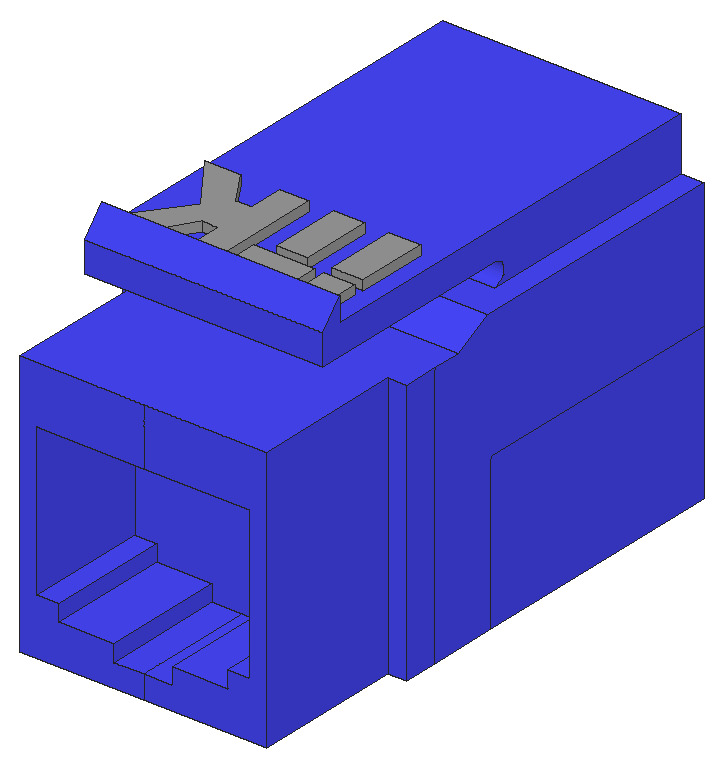
Revit family "ITK_Модуль Keystone Jack_90 градусов_Неэкранированный_IP20", category Обобщенные модели, Revit 2019
Family settings
  Может служить основой для арматурных стержней = Нет
  Размер круглого соединителя = Использовать диаметр
  Тип детали = Нормальный
  На основе рабочей плоскости = Нет
  Всегда вертикально = Да
  При загрузке вырезать с полостями = Нет
  Общий = Нет
  Точка расчета площади = Нет
Parameters (values of type "CS1-1C6AU-11")
  Ширина = 16.8 mm  # constant formula
  Степень защиты = "IP20"  # constant formula
  Материал = Пластик белый
  Изготовитель = "ITK"  # constant formula
  Дата изменения = ""
  Глубина = 31 mm  # constant formula
  Высота = 20 mm  # constant formula
  URL = "https://www.iek.ru/"
  KSI_CPr_Строительные изделия = ""
  KSI_CMa_Строительные материалы = "01.7.14.03"  # constant formula
  IEK_Цена за единицу = 149.14
  IEK_Поиск в таблице имен = ""
  IEK_Описание = "Совместимость с компонентами для СКС.\r\nИзготовлены из высококачественных негорючих материалов.\r\nНадежность и удобство эксплуатации.\r\nСоответствие международным стандартам качества"
  IEK_URL = "https://www.itk-group.ru/produktsiya/catalog/oborudovanie_telekommunikatsionnoe/komponenty_sks_mednye/rozetki_adaptery_i_moduli_keystone/moduli_keystone_jack_informatsionnye_rozetki_rozetochnye_korpusa_i_adaptery/moduli_keystone_jack/moduli_keystone_jack_kat_6_neekranirovanye_utp/itk_modul_keystone_jack_kat_6_utp_110_idc_90grad"
  ADSK_Примечание = ""
  ADSK_Позиция [instance] = ""
  ADSK_Наименование = "IITK Модуль Keystone Jack кат. 6A UTP 110 IDC 90 град."
  ADSK_Материал обозначение = ""
  ADSK_Материал наименование = "АБС-пластик"  # constant formula
  ADSK_Масса = 0
  ADSK_Марка = ""  # constant formula
  ADSK_Код изделия = "CS1-1C6AU-11"
  ADSK_Завод-изготовитель = "IEK"  # constant formula
  ADSK_Единица измерения = "шт"  # constant formula
  ADSK_Группирование = "I. ЩИТЫ И ПУЛЬТЫ"  # constant formula
  ADSK_Версия семейства = "1.0"  # constant formula
  ADSK_Версия Revit = "2019"  # constant formula
  ADSK_URL страницы изделия = "https://www.itk-group.ru/produktsiya/catalog/oborudovanie_telekommunikatsionnoe/komponenty_sks_mednye/rozetki_adaptery_i_moduli_keystone/moduli_keystone_jack_informatsionnye_rozetki_rozetochnye_korpusa_i_adaptery/moduli_keystone_jack/moduli_keystone_jack_kat_5e_neekranirovanye_utp/"
Types (3, lengths in mm): name | IEK_Цена за единицу | IEK_URL | ADSK_Наименование | ADSK_Код изделия
  CS1-1C5EU-11 | 91.08 | "https://www.itk-group.ru/produktsiya/catalog/oborudovanie_telekommunikatsionnoe/komponenty_sks_mednye/rozetki_adaptery_i_moduli_keystone/moduli_keystone_jack_informatsionnye_rozetki_rozetochnye_korpusa_i_adaptery/moduli_keystone_jack/moduli_keystone_jack_kat_5e_neekranirovanye_utp/itk_modul_keystone_jack_kat_5e_utp_110_idc_90grad" | "ITK Модуль Keystone Jack кат. 5E UTP 110 IDC 90 град." | "CS1-1C5EU-11"
  CS1-1C06U-11 | 102.82 | "https://www.itk-group.ru/produktsiya/catalog/oborudovanie_telekommunikatsionnoe/komponenty_sks_mednye/rozetki_adaptery_i_moduli_keystone/moduli_keystone_jack_informatsionnye_rozetki_rozetochnye_korpusa_i_adaptery/moduli_keystone_jack/moduli_keystone_jack_kat_6_neekranirovanye_utp/itk_modul_keystone_jack_kat_6_utp_110_idc_90grad" | "ITK Модуль Keystone Jack кат. 6 UTP 110 IDC 90 град." | "CS1-1C06U-11"
  CS1-1C6AU-11 | 149.14 | "https://www.itk-group.ru/produktsiya/catalog/oborudovanie_telekommunikatsionnoe/komponenty_sks_mednye/rozetki_adaptery_i_moduli_keystone/moduli_keystone_jack_informatsionnye_rozetki_rozetochnye_korpusa_i_adaptery/moduli_keystone_jack/moduli_keystone_jack_kat_6_neekranirovanye_utp/itk_modul_keystone_jack_kat_6_utp_110_idc_90grad" | "IITK Модуль Keystone Jack кат. 6A UTP 110 IDC 90 град." | "CS1-1C6AU-11"
Reference planes
  plane 1 "По центру (Вперед/Назад)": y = 0
  plane 2: z = 0
  plane 3 "По центру (Влево/Вправо)": x = 0
  plane 4: x = -8.4
  plane 5: x = 8.4
  plane 6: z = 16.8
  plane 7: y = 31
  plane 8: y = 23
  plane 9: z = 9.15
  plane 10: y = 4.5
Forms (mm)
  Extrusion 1, solid, material "Пластик белый", detail levels fine
    sketch origin (0, 0, 0) x (1, 0, 0) y (0, 1, 0)
      loop
        line (8.4, 31) -> (-8.4, 31) -> (-8.4, 11.115) -> (-8.4, 9) -> (-7.3, 9) -> (-7.3, 0) -> (0, 0) -> (7.3, 0) -> (7.3, 9) -> (8.4, 9) -> (8.4, 11.115) -> (8.4, 31)
    from 16.8 to 0
  Extrusion 2, void
    sketch origin (0, 0, 0) x (0, 1, 0) y (0, 0, 1)
      loop
        line (0, 15.7) -> (12.885, 15.7) -> (15, 16.8) -> (0, 16.8) -> (0, 15.7)
    from 8.4 to -8.4
  Extrusion 3, void
    sketch origin (0, 0, 0) x (1, 0, 0) y (0, 0, 1)
      loop
        line (0, 1.384) -> (1.751, 1.384) -> (1.751, 2.379) -> (5.016, 2.379) -> (5.016, 3.347) -> (6.312, 3.347) -> (6.312, 12.297) -> (0, 12.297) -> (-6.312, 12.297) -> (-6.312, 3.347) -> (-5.016, 3.347) -> (-5.016, 2.379) -> (-1.751, 2.379) -> (-1.751, 1.384) -> (0, 1.384)
    from -7.289 to 0
  Extrusion 4, solid, material "Пластик белый", detail levels fine
    sketch origin (0, 0, -0.163) x (0, 1, 0) y (0, 0, 1)
      loop
        line (31, 16.963) -> (31, 20.163) -> (5.756, 20.163) -> (5.756, 21.583) -> (4.5, 20.169) -> (4.5, 18.363) -> (17.187, 18.363)
        arc (17.187, 18.363) -> (17.887, 17.663) -> (17.187, 16.963) r 0.7
        line (17.187, 16.963) -> (31, 16.963)
    from 7.062 to -7.062
  Extrusion 5, solid, material "Окраска - RAL 9005", detail levels fine
    sketch origin (0.256, 22.318, 20) x (-1, 0, 0) y (0, -1, 0)
      loop
        line (-5.745, 13.526) -> (-5.745, 9.294) -> (-3.895, 9.294) -> (-3.895, 13.526) -> (-5.745, 13.526)
      loop
        line (-5.745, 14.116) -> (-3.895, 14.116) -> (-3.895, 15.911) -> (-5.745, 15.911) -> (-5.745, 14.116)
      loop
        line (0.857, 15.911) -> (0.857, 9.294) -> (2.601, 9.294) -> (2.601, 11.342) -> (3.55, 11.342) -> (4.88, 9.294) -> (7.005, 9.294) -> (4.597, 12.608) -> (7.005, 15.911) -> (4.88, 15.911) -> (3.55, 13.863) -> (2.601, 13.863) -> (2.601, 15.911) -> (0.857, 15.911)
      loop
        line (-3.367, 14.116) -> (0.256, 14.116) -> (0.256, 15.911) -> (-3.367, 15.911) -> (-3.367, 14.116)
      loop
        line (-2.463, 13.526) -> (-2.463, 9.294) -> (-0.613, 9.294) -> (-0.613, 13.526) -> (-2.463, 13.526)
    from 0 to 0.554
  Extrusion 6, void
    sketch origin (0, 0, 0) x (1, 0, 0) y (0, 0, 1)
      loop
        line (-8.4, 9.15) -> (-8.4, 0) -> (8.4, 0) -> (8.4, 9.15) -> (7.3, 9.15) -> (7.3, 1.099) -> (-7.3, 1.099) -> (-7.3, 9.15) -> (-8.4, 9.15)
    from -31.504 to -15.274
  Extrusion 7, solid, material "Пластик прозрачный", detail levels fine
    sketch origin (0, 0, 0) x (1, 0, 0) y (0, 0, 1)
      loop
        line (7.3, 1.099) -> (-7.3, 1.099) -> (-7.3, 9.15) -> (-8.4, 9.15) -> (-8.4, 0) -> (8.4, 0) -> (8.4, 9.15) -> (7.3, 9.15) -> (7.3, 1.099)
    from -15.274 to -31
  Extrusion 8, solid, material "Условный материал-отделка", detail levels coarse+medium
    sketch origin (0, 0, 0) x (1, 0, 0) y (0, 1, 0)
      loop
        line (-8.4, 31) -> (-8.4, 0) -> (8.4, 0) -> (8.4, 31) -> (-8.4, 31)
    from 20 to 0
Cuts and joins
  Extrusion 2, Extrusion 3, Extrusion 6 cuts Extrusion 1
Dimensions and locks
  equal spacing: plane 4, plane 3 "По центру (Влево/Вправо)", plane 5
  "Ширина": plane 4 to plane 5
  plane 6 to level = 16.8 mm  (x2)
  plane 1 "По центру (Вперед/Назад)" to plane 7 = 31 mm
  plane 1 "По центру (Вперед/Назад)" to plane 8 = 23 mm
  plane 7 to plane 1 "По центру (Вперед/Назад)" = 31 mm
  aligned and locked: level to plane 2
  aligned and locked: plane 7 to Extrusion 1
  aligned and locked: plane 6 to Extrusion 1
  aligned and locked: plane 5 to Extrusion 2
  aligned and locked: Extrusion 2 to plane 4
  aligned and locked: plane 7 to Extrusion 7
  aligned and locked: Extrusion 7 to cut or joined group of Extrusion 1, Extrusion 2, Extrusion 3, Extrusion 6
Automatic sketch dimensions
  Extrusion 2 sketch curve to plane 1 "По центру (Вперед/Назад)" = 0 mm
  Extrusion 2 sketch curve to plane 6 = 0 mm
  Extrusion 2 sketch curve to plane 6 = 1.1 mm
  plane 10 to Extrusion 2 sketch curve = 8.385 mm
  Extrusion 2 sketch curve to Extrusion 2 sketch curve = 2.115 mm
  Extrusion 3 sketch curve to plane 3 "По центру (Влево/Вправо)" = 0 mm  (x2)
  Extrusion 3 sketch curve to plane 3 "По центру (Влево/Вправо)" = 1.751 mm
  plane 4 to Extrusion 3 sketch curve = 3.384 mm
  plane 4 to Extrusion 3 sketch curve = 2.088 mm
  plane 3 "По центру (Влево/Вправо)" to Extrusion 3 sketch curve = 1.751 mm
  Extrusion 3 sketch curve to Extrusion 3 sketch curve = 3.265 mm
  Extrusion 3 sketch curve to plane 5 = 2.088 mm
  level to Extrusion 3 sketch curve = 1.384 mm
  level to Extrusion 3 sketch curve = 2.379 mm  (x2)
  Extrusion 3 sketch curve to Extrusion 3 sketch curve = 0.968 mm  (x2)
  Extrusion 3 sketch curve to plane 9 = 3.147 mm
  Extrusion 4 sketch curve to plane 10 = 0 mm
  Extrusion 4 sketch curve to plane 6 = 0 mm
  Extrusion 4 sketch curve to plane 7 = 0 mm
  plane 10 to Extrusion 4 sketch curve = 1.256 mm
  Extrusion 4 sketch curve to plane 8 = 5.813 mm
  plane 6 to Extrusion 4 sketch curve = 0.7 mm
  plane 6 to Extrusion 4 sketch curve = 3.2 mm
  Extrusion 4 sketch curve to Extrusion 4 sketch curve = 0.006 mm
  Extrusion 4 sketch curve to Extrusion 4 sketch curve = 1.421 mm
  Extrusion 6 sketch curve to plane 4 = 0 mm
  Extrusion 6 sketch curve to plane 9 = 0 mm  (x2)
  Extrusion 6 sketch curve to plane 5 = 0 mm
  Extrusion 6 sketch curve to level = 0 mm
  plane 4 to Extrusion 6 sketch curve = 1.1 mm
  Extrusion 6 sketch curve to plane 5 = 1.1 mm
  level to Extrusion 6 sketch curve = 1.099 mm
  Extrusion 7 sketch curve to level = 0 mm
  Extrusion 7 sketch curve to plane 4 = 0 mm
  Extrusion 7 sketch curve to plane 9 = 0 mm  (x2)
  Extrusion 7 sketch curve to plane 5 = 0 mm
  plane 4 to Extrusion 7 sketch curve = 1.1 mm
  Extrusion 7 sketch curve to plane 5 = 1.1 mm
  level to Extrusion 7 sketch curve = 1.099 mm
  Extrusion 1 sketch curve to plane 4 = 0 mm
  plane 1 "По центру (Вперед/Назад)" to Extrusion 1 sketch curve = 0 mm
  Extrusion 1 sketch curve to plane 3 "По центру (Влево/Вправо)" = 0 mm
  Extrusion 1 sketch curve to plane 7 = 0 mm
  Extrusion 1 sketch curve to Extrusion 1 sketch curve = 1.1 mm  (x2)
  plane 10 to Extrusion 1 sketch curve = 4.5 mm  (x2)
  Extrusion 1 sketch curve to Extrusion 1 sketch curve = 2.115 mm  (x2)
  Extrusion 1 sketch curve to plane 5 = 0 mm
  Extrusion 5 sketch curve to plane 3 "По центру (Влево/Вправо)" = 0 mm
  plane 3 "По центру (Влево/Вправо)" to Extrusion 5 sketch curve = 0.869 mm
  Extrusion 5 sketch curve to Extrusion 5 sketch curve = 1.85 mm  (x2)
  Extrusion 5 sketch curve to Extrusion 5 sketch curve = 0.904 mm
  Extrusion 5 sketch curve to Extrusion 5 sketch curve = 0.528 mm  (x2)
  Extrusion 5 sketch curve to Extrusion 5 sketch curve = 0 mm  (x7)
  Extrusion 5 sketch curve to Extrusion 5 sketch curve = 0.601 mm
  Extrusion 5 sketch curve to Extrusion 5 sketch curve = 1.744 mm  (x2)
  Extrusion 5 sketch curve to Extrusion 5 sketch curve = 0.948 mm  (x2)
  Extrusion 5 sketch curve to Extrusion 5 sketch curve = 1.047 mm
  Extrusion 5 sketch curve to Extrusion 5 sketch curve = 2.278 mm  (x2)
  plane 4 to Extrusion 5 sketch curve = 1.651 mm  (x2)
  plane 10 to Extrusion 5 sketch curve = 8.524 mm
  Extrusion 5 sketch curve to Extrusion 5 sketch curve = 2.048 mm
  Extrusion 5 sketch curve to Extrusion 5 sketch curve = 1.266 mm
  Extrusion 5 sketch curve to Extrusion 5 sketch curve = 2.184 mm
  Extrusion 5 sketch curve to Extrusion 5 sketch curve = 1.255 mm
  Extrusion 5 sketch curve to Extrusion 5 sketch curve = 0.59 mm
  Extrusion 5 sketch curve to Extrusion 5 sketch curve = 1.795 mm  (x2)
  plane 10 to Extrusion 5 sketch curve = 1.907 mm
  plane 1 "По центру (Вперед/Назад)" to Extrusion 8 sketch curve = 0 mm
  Extrusion 8 sketch curve to plane 4 = 0 mm
  Extrusion 8 sketch curve to plane 5 = 0 mm
  Extrusion 8 sketch curve to plane 7 = 0 mm
